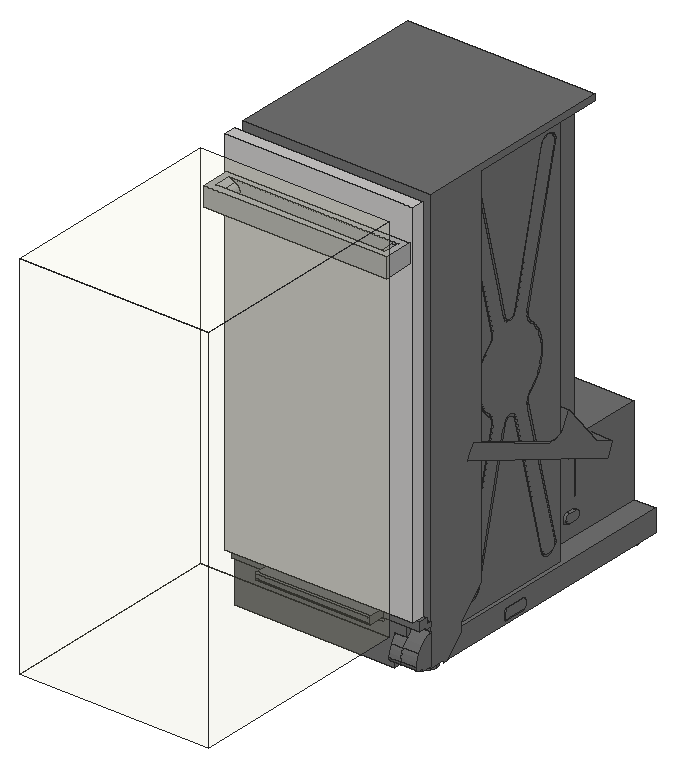
Revit family "P190780JX-197c_JKTPX151HM_StainlessSteel_JA_Dish_Trash_Compactors_FINAL", category Specialty Equipment, Revit 2026
Family settings
  Round Connector Dimension = Use Diameter
  Part Type = Normal
  Work Plane-Based = No
  Enable Cutting in Views = No
  Always vertical = Yes
  Cut with Voids When Loaded = No
  Maintain Annotation Orientation = No
  Shared = No
  Room Calculation Point = No
Parameters (values of type "JKTPX151HM")
  Width = 14 7/8"
  Voltage = 0 V
  URL = ""
  Show Clearance [instance] = yes
  Model = "JKTPX151HM"
  Manufacturer = "Jenn Air"
  Installation-Fabrication = ""
  Height = 34 1/8"
  Handle Material = ARCAT - Metal - Steel - Gray
  Feature 3 = ""
  Feature 2 = ""
  Feature 1 = "Stainless Steel Door, NOIR™ styling\r\nPorte en acier inoxydable, style NOIR™"
  Family Name = "TRASH COMPACTOR PANEL KITS NOIR"
  Energy Guide = ""
  Drawn By = ""
  Door Material = ARCAT - Metal - Steel - Stainless
  Dimension Guide = "https://www.whirlpool.com/content/dam/global/documents/201907/dimension-guide-w11367551-reva.pdf\r\nhttps://www.whirlpool.com/content/dam/global/documents/201907/dimension-guide-w11367551-reva.pdf"
  Description = "NOIR™ 15\" Trash Compactor Panel Kit\r\nTrousse de panneau pour compacteur de déchets NOIR™, 15 po"
  Depth = 24"
  Default Elevation = 0"
  Copyright = ""
  Clearance Material = ARCAT - Clearance
  Bottom Panel = ARCAT - Plastic, ABS - Black
  Body Material = ARCAT - Plastic, ABS - Black
  Amps = 0 A
  Accent Material = ARCAT - Metal - Steel - Stainless
Reference planes (in)
  plane 1 "Center (Front/Back)": y = 0
  plane 2: z = 0
  plane 3 "Center (Left/Right)": x = 0
  plane 4: z = 34.125
  plane 5: x = -7.4375
  plane 6: x = 7.4375
  plane 7: y = -24
Forms (in)
  Extrusion 1, solid, material "ARCAT - Plastic, ABS - Black" <- "Body Material"
    sketch origin (0, 82.57514, 0.5) x (0, 1, 0) y (-1, 0, 0)
      loop
        line (-101.82514, -7.375) -> (-82.60639, -7.375) -> (-82.60639, 7.375) -> (-101.82514, 7.375) -> (-101.82514, -7.375)
    from 0 to 1.75
  Extrusion 2, solid, material "ARCAT - Plastic, ABS - Black" <- "Body Material"
    sketch origin (0, 82.57514, 2.25) x (0, 1, 0) y (-1, 0, 0)
      loop
        line (-101.82514, 7.375) -> (-104.82514, 7.375) -> (-104.82514, -7.375) -> (-101.82514, -7.375) -> (-101.82514, 7.375)
    from 0 to 31.375
  Extrusion 3, solid, material "ARCAT - Plastic, ABS - Black" <- "Body Material"
    sketch origin (0, -30.6674, 33.625) x (-1, 0, 0) y (0, 1, 0)
      loop
        line (7.40625, 24.6674) -> (-7.40625, 24.6674) -> (-7.40625, 8.4174) -> (7.40625, 8.4174) -> (7.40625, 24.6674)
    from 0 to -0.5
  Extrusion 4, solid, material "ARCAT - Plastic, ABS - Black" <- "Body Material"
    sketch origin (0, 82.57514, 2.25) x (0, 1, 0) y (-1, 0, 0)
      loop
        line (-91.57514, 6.83266) -> (-101.82514, 6.83266) -> (-101.82514, -7.02418) -> (-91.57514, -7.02418) -> (-91.57514, 6.83266)
    from 0 to 31.375
  Extrusion 5, solid, material "ARCAT - Plastic, ABS - Black" <- "Body Material"
    sketch origin (-7.4375, -30.25, 48) x (0, -1, 0) y (0, 0, 1)
      loop
        line (-11, -47.5) -> (-9.67637, -47.5) -> (-11, -46.17637) -> (-11, -47.5)
    from -0.0625 to -14.8125
  Extrusion 6, solid, material "ARCAT - Plastic, ABS - Black" <- "Body Material"
    sketch origin (5.6875, 0, 33.48941) x (0, 0, 1) y (0, 1, 0)
      loop
        line (-24.23941, -5.75) -> (-24.23941, -0.03125) -> (-31.23941, -0.03125) -> (-31.23941, -9) -> (0.13559, -9) -> (0.13559, -6) -> (-28.48941, -6) -> (-28.48941, -5.75) -> (-24.23941, -5.75)
    from 0 to 11.375
  Extrusion 7, solid, material "ARCAT - Plastic, ABS - Black" <- "Body Material"
    sketch origin (-7.1875, -30.25, 48) x (0, -1, 0) y (0, 0, -1)
      loop
        line (-9.81951, 47.33477) -> (-11, 46.15428) -> (-11, 45.75) -> (-8, 45.75) -> (-8, 47.33477) -> (-9.81951, 47.33477)
    from -0.1875 to 14.5625
  Extrusion 8, solid, material "ARCAT - Plastic, ABS - Black" <- "Body Material"
    sketch origin (-7.4375, 0, 0.84375) x (1, 0, 0) y (0, 0, -1)
      loop
        line (4.0781, -1.9501) -> (6.83076, -3.95003) -> (3.37581, -6.4602)
        arc (3.37581, -6.4602) -> (3.29285, -6.984) -> (3.81665, -7.06696) r 0.375
        line (3.81665, -7.06696) -> (7.46875, -4.41356) -> (11.05835, -7.06696)
        arc (11.05835, -7.06696) -> (11.58215, -6.984) -> (11.49919, -6.4602) r 0.375
        line (11.49919, -6.4602) -> (8.10674, -3.95003) -> (10.8594, -1.9501)
        arc (10.8594, -1.9501) -> (10.94237, -1.4263) -> (10.41856, -1.34334) r 0.375
        line (10.41856, -1.34334) -> (7.46875, -3.4865) -> (4.51894, -1.34334)
        arc (4.51894, -1.34334) -> (3.99513, -1.4263) -> (4.0781, -1.9501) r 0.375
    from 0 to -0.03125
  Extrusion 9, solid, material "ARCAT - Metal - Steel - Stainless" <- "Door Material"
    sketch origin (0, -100.58824, 34) x (0, -1, 0) y (1, 0, 0)
      loop
        line (-77.58824, -7.4375) -> (-76.58824, -7.4375) -> (-76.58824, 7.4375) -> (-77.58824, 7.4375) -> (-77.58824, -7.4375)
    from 0 to -29.35864
  Extrusion 10, solid, material "ARCAT - Plastic, ABS - Black" <- "Body Material"
    sketch origin (-7.40625, -30.25, 48) x (0, -1, 0) y (0, 0, -1)
      loop
        line (-8, 14.375) -> (-8, 47.33477) -> (-9.3614, 47.33477) -> (-9.3614, 47.5) -> (-9.65428, 47.5) -> (-11, 46.15428) -> (-11, 14.375) -> (-8, 14.375)
    from 0 to 0.03125
  Extrusion 11, solid, material "ARCAT - Plastic, ABS - Black" <- "Body Material"
    sketch origin (7.40625, -30.25, 48) x (0, -1, 0) y (0, 0, 1)
      loop
        line (-8, -14.375) -> (-13, -14.375) -> (-13, -43.40428) -> (-11, -45.40428) -> (-11, -46.15428) -> (-9.65428, -47.5) -> (-9.3614, -47.5) -> (-9.3614, -47.33477) -> (-8, -47.33477) -> (-8, -14.375)
    from 0 to 0.03125
  Extrusion 12, solid, material "ARCAT - Plastic, ABS - Black" <- "Body Material"
    sketch origin (7.4375, -30.25, 48) x (0, -1, 0) y (0, 0, 1)
      loop
        line (-8, -20.46433) -> (-8, -40.74322) -> (-7.25, -40.74322) -> (-7.25, -21.80848) -> (-7.4236, -21.80848) -> (-7.4236, -20.46433) -> (-8, -20.46433)
    from 0.60547 to 14.27016
  Extrusion 13, solid, material "ARCAT - Plastic, ABS - Black" <- "Bottom Panel"
    sketch origin (7.4375, -30.25, 48) x (0, -1, 0) y (0, 0, 1)
      loop
        line (-6.91841, -43.58627) -> (-7.66841, -43.58627) -> (-7.66841, -44.00388) -> (-8, -44.00388) -> (-8, -44.42424) -> (-7.53998, -44.42424) -> (-7.53998, -44.25388) -> (-6.91841, -44.25388) -> (-6.91841, -43.58627)
    from 0.03125 to 14.84375
  Extrusion 14, solid, material "ARCAT - Plastic, ABS - Black" <- "Bottom Panel"
    sketch origin (7.4375, -31, 48) x (0, -1, 0) y (0, 0, 1)
      loop
        line (-6.51841, -43.6843) -> (-7.66841, -43.6843) -> (-7.66841, -44.25388) -> (-6.51841, -44.25388)
        arc (-6.51841, -44.25388) -> (-6.4477, -44.22459) -> (-6.41841, -44.15388) r 0.1
        line (-6.41841, -44.15388) -> (-6.41841, -43.7843)
        arc (-6.41841, -43.7843) -> (-6.4477, -43.71359) -> (-6.51841, -43.6843) r 0.1
    from 2.9375 to 11.9375
  Extrusion 15, solid, material "ARCAT - Plastic, ABS - Black" <- "Bottom Panel"
    sketch origin (7.40625, -6, 33.625) x (0, -1, 0) y (0, 0, -1)
      loop
        line (16.25, 32.86472) -> (16.25, 30.34108)
        arc (16.25, 30.34108) -> (16.87536, 30.8256) -> (17.35988, 31.45096) r 3.14225
        arc (17.35988, 31.45096) -> (17.54532, 31.87398) -> (17.62506, 32.32894) r 1.93199
        arc (17.62506, 32.32894) -> (17.5413, 32.55667) -> (17.31839, 32.65253) r 0.30711
        line (17.31839, 32.65253) -> (17, 32.65253) -> (17, 32.7574)
        arc (17, 32.7574) -> (16.96857, 32.83329) -> (16.89268, 32.86472) r 0.10732
        line (16.89268, 32.86472) -> (16.25, 32.86472)
    from 0 to -1.25017
  Blend 16, solid, material "ARCAT - Plastic, ABS - Black" <- "Body Material"
    base sketch origin (-6.83266, -19.25, 2.25) x (0, 1, 0) y (0, 0, -1)
      loop
        line (7.10897, -12.67266) -> (9.79145, -1.9138)
        arc (9.79145, -1.9138) -> (9.24517, -1.00464) -> (8.33601, -1.55092) r 0.75
        line (8.33601, -1.55092) -> (5.6947, -12.14464)
        arc (5.6947, -12.14464) -> (5.26997, -12.47647) -> (4.84525, -12.14464) r 0.43773
        line (4.84525, -12.14464) -> (2.20394, -1.55092)
        arc (2.20394, -1.55092) -> (1.29477, -1.00464) -> (0.74849, -1.9138) r 0.75
        line (0.74849, -1.9138) -> (3.43069, -12.67149)
        arc (3.43069, -12.67149) -> (3.41656, -13.05494) -> (3.20015, -13.37181) r 0.69141
        arc (3.20015, -13.37181) -> (2.01998, -15.8861) -> (3.21348, -18.39409) r 3.25
        arc (3.21348, -18.39409) -> (3.43215, -18.71154) -> (3.44686, -19.09674) r 0.69141
        line (3.44686, -19.09674) -> (0.74849, -29.91927)
        arc (0.74849, -29.91927) -> (1.29477, -30.82843) -> (2.20394, -30.28215) r 0.75
        line (2.20394, -30.28215) -> (4.84525, -19.68844)
        arc (4.84525, -19.68844) -> (5.26997, -19.35661) -> (5.6947, -19.68844) r 0.43773
        line (5.6947, -19.68844) -> (8.33601, -30.28215)
        arc (8.33601, -30.28215) -> (9.24517, -30.82843) -> (9.79145, -29.91927) r 0.75
        line (9.79145, -29.91927) -> (7.09309, -19.09674)
        arc (7.09309, -19.09674) -> (7.1078, -18.71154) -> (7.32646, -18.39409) r 0.69141
        arc (7.32646, -18.39409) -> (8.51996, -15.8856) -> (7.33903, -13.37117) r 3.25
        arc (7.33903, -13.37117) -> (7.12309, -13.05515) -> (7.10897, -12.67266) r 0.68949
    top sketch origin (-6.83266, -19.25, 2.25) x (0, 1, 0) y (0, 0, -1)
      loop
        line (9.67016, -29.94951) -> (6.9718, -19.12698)
        arc (6.9718, -19.12698) -> (6.98917, -18.67214) -> (7.24736, -18.29729) r 0.81641
        arc (7.24736, -18.29729) -> (8.39496, -15.88529) -> (7.25945, -13.46757) r 3.125
        arc (7.25945, -13.46757) -> (7.00436, -13.09425) -> (6.98768, -12.64242) r 0.81449
        line (6.98768, -12.64242) -> (9.67016, -1.88356)
        arc (9.67016, -1.88356) -> (9.21493, -1.12593) -> (8.45729, -1.58116) r 0.625
        line (8.45729, -1.58116) -> (5.81598, -12.17488)
        arc (5.81598, -12.17488) -> (5.26997, -12.60147) -> (4.72396, -12.17488) r 0.56273
        line (4.72396, -12.17488) -> (2.08265, -1.58116)
        arc (2.08265, -1.58116) -> (1.32502, -1.12593) -> (0.86978, -1.88356) r 0.625
        line (0.86978, -1.88356) -> (3.55197, -12.64125)
        arc (3.55197, -12.64125) -> (3.53529, -13.09402) -> (3.27976, -13.46818) r 0.81641
        arc (3.27976, -13.46818) -> (2.14498, -15.88577) -> (3.29258, -18.29729) r 3.125
        arc (3.29258, -18.29729) -> (3.55078, -18.67214) -> (3.56814, -19.12698) r 0.81641
        line (3.56814, -19.12698) -> (0.86978, -29.94951)
        arc (0.86978, -29.94951) -> (1.32502, -30.70715) -> (2.08265, -30.25191) r 0.625
        line (2.08265, -30.25191) -> (4.72396, -19.6582)
        arc (4.72396, -19.6582) -> (5.26997, -19.23161) -> (5.81598, -19.6582) r 0.56273
        line (5.81598, -19.6582) -> (8.45729, -30.25191)
        arc (8.45729, -30.25191) -> (9.21493, -30.70715) -> (9.67016, -29.94951) r 0.625
    from 0 to 0.03125
  Blend 17, solid, material "ARCAT - Plastic, ABS - Black" <- "Body Material"
    base sketch origin (7.02418, -19.25, 2.25) x (0, 1, 0) y (0, 0, 1)
      loop
        arc (7.10897, 12.67266) -> (7.12309, 13.05515) -> (7.33903, 13.37117) r 0.68949
        arc (7.33903, 13.37117) -> (8.51996, 15.8856) -> (7.32646, 18.39409) r 3.25
        arc (7.32646, 18.39409) -> (7.1078, 18.71154) -> (7.09309, 19.09674) r 0.69141
        line (7.09309, 19.09674) -> (9.79145, 29.91927)
        arc (9.79145, 29.91927) -> (9.24517, 30.82843) -> (8.33601, 30.28215) r 0.75
        line (8.33601, 30.28215) -> (5.6947, 19.68844)
        arc (5.6947, 19.68844) -> (5.26997, 19.35661) -> (4.84525, 19.68844) r 0.43773
        line (4.84525, 19.68844) -> (2.20394, 30.28215)
        arc (2.20394, 30.28215) -> (1.29477, 30.82843) -> (0.74849, 29.91927) r 0.75
        line (0.74849, 29.91927) -> (3.44686, 19.09674)
        arc (3.44686, 19.09674) -> (3.43215, 18.71154) -> (3.21348, 18.39409) r 0.69141
        arc (3.21348, 18.39409) -> (2.01998, 15.8861) -> (3.20015, 13.37181) r 3.25
        arc (3.20015, 13.37181) -> (3.41656, 13.05494) -> (3.43069, 12.67149) r 0.69141
        line (3.43069, 12.67149) -> (0.74849, 1.9138)
        arc (0.74849, 1.9138) -> (1.29477, 1.00464) -> (2.20394, 1.55092) r 0.75
        line (2.20394, 1.55092) -> (4.84525, 12.14464)
        arc (4.84525, 12.14464) -> (5.26997, 12.47647) -> (5.6947, 12.14464) r 0.43773
        line (5.6947, 12.14464) -> (8.33601, 1.55092)
        arc (8.33601, 1.55092) -> (9.24517, 1.00464) -> (9.79145, 1.9138) r 0.75
        line (9.79145, 1.9138) -> (7.10897, 12.67266)
    top sketch origin (7.02418, -19.25, 2.25) x (0, 1, 0) y (0, 0, 1)
      loop
        arc (9.67016, 29.94951) -> (9.21493, 30.70715) -> (8.45729, 30.25191) r 0.625
        line (8.45729, 30.25191) -> (5.81598, 19.6582)
        arc (5.81598, 19.6582) -> (5.26997, 19.23161) -> (4.72396, 19.6582) r 0.56273
        line (4.72396, 19.6582) -> (2.08265, 30.25191)
        arc (2.08265, 30.25191) -> (1.32502, 30.70715) -> (0.86978, 29.94951) r 0.625
        line (0.86978, 29.94951) -> (3.56814, 19.12698)
        arc (3.56814, 19.12698) -> (3.55078, 18.67214) -> (3.29258, 18.29729) r 0.81641
        arc (3.29258, 18.29729) -> (2.14498, 15.88577) -> (3.27976, 13.46818) r 3.125
        arc (3.27976, 13.46818) -> (3.53529, 13.09402) -> (3.55197, 12.64125) r 0.81641
        line (3.55197, 12.64125) -> (0.86978, 1.88356)
        arc (0.86978, 1.88356) -> (1.32502, 1.12593) -> (2.08265, 1.58116) r 0.625
        line (2.08265, 1.58116) -> (4.72396, 12.17488)
        arc (4.72396, 12.17488) -> (5.26997, 12.60147) -> (5.81598, 12.17488) r 0.56273
        line (5.81598, 12.17488) -> (8.45729, 1.58116)
        arc (8.45729, 1.58116) -> (9.21493, 1.12593) -> (9.67016, 1.88356) r 0.625
        line (9.67016, 1.88356) -> (6.98768, 12.64242)
        arc (6.98768, 12.64242) -> (7.00436, 13.09425) -> (7.25945, 13.46757) r 0.81449
        arc (7.25945, 13.46757) -> (8.39496, 15.88529) -> (7.24736, 18.29729) r 3.125
        arc (7.24736, 18.29729) -> (6.98917, 18.67214) -> (6.9718, 19.12698) r 0.81641
        line (6.9718, 19.12698) -> (9.67016, 29.94951)
    from 0 to 0.03125
  Extrusion 18, solid, material "ARCAT - Clearance" <- "Clearance Material", detail levels medium+fine
    sketch origin (0, -23, 4.64136) x (1, 0, 0) y (0, -1, 0)
      loop
        line (-7.4375, 3.3125) -> (7.4375, 3.3125) -> (7.4375, 21.125) -> (-7.4375, 21.125) -> (-7.4375, 3.3125)
    from 0 to -29.35864
  Blend 19, solid, material "ARCAT - Plastic, ABS - Black" <- "Body Material"
    base sketch origin (7.375, 0, 0.5) x (0, -1, 0) y (0, 0, -1)
      loop
        arc (14.70293, -1.18738) -> (14.8797, -1.11415) -> (14.95293, -0.93738) r 0.25
        line (14.95293, -0.93738) -> (14.95293, -0.5)
        arc (14.95293, -0.5) -> (14.8797, -0.32322) -> (14.70293, -0.25) r 0.25
        line (14.70293, -0.25) -> (13.10434, -0.25)
        arc (13.10434, -0.25) -> (12.92757, -0.32322) -> (12.85434, -0.5) r 0.25
        line (12.85434, -0.5) -> (12.85434, -0.93738)
        arc (12.85434, -0.93738) -> (12.92757, -1.11415) -> (13.10434, -1.18738) r 0.25
        line (13.10434, -1.18738) -> (14.70293, -1.18738)
    top sketch origin (7.02418, -19.25, -1.75) x (0, 1, 0) y (0, 0, 1)
      loop
        arc (4.60957, 3.37488) -> (4.4328, 3.30165) -> (4.35957, 3.12488) r 0.25
        line (4.35957, 3.12488) -> (4.35957, 2.8125)
        arc (4.35957, 2.8125) -> (4.4328, 2.63572) -> (4.60957, 2.5625) r 0.25
        line (4.60957, 2.5625) -> (6.08316, 2.5625)
        arc (6.08316, 2.5625) -> (6.25993, 2.63572) -> (6.33316, 2.8125) r 0.25
        line (6.33316, 2.8125) -> (6.33316, 3.12488)
        arc (6.33316, 3.12488) -> (6.25993, 3.30165) -> (6.08316, 3.37488) r 0.25
        line (6.08316, 3.37488) -> (4.60957, 3.37488)
    from 0 to 0.41332
  Extrusion 20, solid, material "ARCAT - Plastic, ABS - Black" <- "Body Material"
    sketch origin (7.4375, -30.25, 48) x (0, -1, 0) y (0, 0, 1)
      loop
        line (-11.6355, -34.22768) -> (-12.18391, -33.23831) -> (-19.83577, -36.48633)
        arc (-19.83577, -36.48633) -> (-20.56852, -36.50552) -> (-21.11751, -36.01982) r 1
        line (-21.11751, -36.01982) -> (-21.63096, -35.01211) -> (-21.63096, -38.4705) -> (-11.6355, -34.22768)
    from 0 to 0.03125
  Extrusion 21, solid, material "ARCAT - Plastic, ABS - Black" <- "Body Material"
    sketch origin (7.4375, -30.25, 48) x (0, -1, 0) y (0, 0, 1)
      loop
        line (-21.63096, -38.4705) -> (-21.63096, -35.01211) -> (-24.39031, -38.41962) -> (-25.88264, -39.05308) -> (-25.44307, -40.08864) -> (-21.63096, -38.4705)
    from 0 to 1.61424
  Blend 22, solid, material "ARCAT - Plastic, ABS - Black" <- "Body Material"
    base sketch origin (5.6875, 0, 33.48941) x (0, 0, -1) y (0, 1, 0)
      loop
        line (29.19129, -6.11963) -> (29.19129, -6.67463)
        arc (29.19129, -6.67463) -> (29.59538, -7.07873) -> (29.99948, -6.67463) r 0.4041
        line (29.99948, -6.67463) -> (29.99948, -6.11963)
        arc (29.99948, -6.11963) -> (29.59538, -5.71553) -> (29.19129, -6.11963) r 0.4041
    top sketch origin (5.6875, 0, 33.48941) x (0, 0, 1) y (0, 1, 0)
      loop
        line (-29.25379, -6.67463) -> (-29.25379, -6.11963)
        arc (-29.25379, -6.11963) -> (-29.59538, -5.77803) -> (-29.93698, -6.11963) r 0.3416
        line (-29.93698, -6.11963) -> (-29.93698, -6.67463)
        arc (-29.93698, -6.67463) -> (-29.59538, -7.01623) -> (-29.25379, -6.67463) r 0.3416
    from 0 to 0.25
  Blend 23, solid, material "ARCAT - Plastic, ABS - Black" <- "Body Material"
    base sketch origin (-7.375, 0, 0.5) x (0, -1, 0) y (0, 0, 1)
      loop
        line (14.70293, 1.18738) -> (13.10434, 1.18738)
        arc (13.10434, 1.18738) -> (12.92757, 1.11415) -> (12.85434, 0.93738) r 0.25
        line (12.85434, 0.93738) -> (12.85434, 0.5)
        arc (12.85434, 0.5) -> (12.92757, 0.32322) -> (13.10434, 0.25) r 0.25
        line (13.10434, 0.25) -> (14.70293, 0.25)
        arc (14.70293, 0.25) -> (14.8797, 0.32322) -> (14.95293, 0.5) r 0.25
        line (14.95293, 0.5) -> (14.95293, 0.93738)
        arc (14.95293, 0.93738) -> (14.8797, 1.11415) -> (14.70293, 1.18738) r 0.25
    top sketch origin (-7.02418, -19.25, -1.75) x (0, 1, 0) y (0, 0, -1)
      loop
        line (4.60957, -3.37488) -> (6.08316, -3.37488)
        arc (6.08316, -3.37488) -> (6.25993, -3.30165) -> (6.33316, -3.12488) r 0.25
        line (6.33316, -3.12488) -> (6.33316, -2.8125)
        arc (6.33316, -2.8125) -> (6.25993, -2.63572) -> (6.08316, -2.5625) r 0.25
        line (6.08316, -2.5625) -> (4.60957, -2.5625)
        arc (4.60957, -2.5625) -> (4.4328, -2.63572) -> (4.35957, -2.8125) r 0.25
        line (4.35957, -2.8125) -> (4.35957, -3.12488)
        arc (4.35957, -3.12488) -> (4.4328, -3.30165) -> (4.60957, -3.37488) r 0.25
    from 0 to 0.41332
  Blend 24, solid, material "ARCAT - Plastic, ABS - Black" <- "Body Material"
    base sketch origin (-5.6875, 0, 33.48941) x (0, 0, -1) y (0, -1, 0)
      loop
        arc (29.19129, 6.11963) -> (29.59538, 5.71553) -> (29.99948, 6.11963) r 0.4041
        line (29.99948, 6.11963) -> (29.99948, 6.67463)
        arc (29.99948, 6.67463) -> (29.59538, 7.07873) -> (29.19129, 6.67463) r 0.4041
        line (29.19129, 6.67463) -> (29.19129, 6.11963)
    top sketch origin (-5.6875, 0, 33.48941) x (0, 0, 1) y (0, -1, 0)
      loop
        arc (-29.25379, 6.67463) -> (-29.59538, 7.01623) -> (-29.93698, 6.67463) r 0.3416
        line (-29.93698, 6.67463) -> (-29.93698, 6.11963)
        arc (-29.93698, 6.11963) -> (-29.59538, 5.77803) -> (-29.25379, 6.11963) r 0.3416
        line (-29.25379, 6.11963) -> (-29.25379, 6.67463)
    from 0 to 0.25
  Extrusion 25, solid, material "ARCAT - Plastic, ABS - Black" <- "Body Material"
    sketch origin (7.4375, -30.25, 45.38458) x (0, -1, 0) y (0, 0, 1)
      loop
        line (-7.25, -38.1278) -> (-8, -38.1278) -> (-8, -40.74322) -> (-7.25, -40.74322) -> (-7.25, -38.1278)
    from 1.61424 to 14.27016
  Extrusion 26, solid, material "ARCAT - Metal - Steel - Gray" <- "Handle Material"
    sketch origin (19.1046, -24, 48) x (1, 0, 0) y (0, 0, 1)
      loop
        line (-26.2921, -16.5625) -> (-26.2921, -18.0625) -> (-11.9171, -18.0625) -> (-11.9171, -16.5625) -> (-26.2921, -16.5625)
    from 0 to 2.3125
  Extrusion 27, void
    sketch origin (19.1046, -24.5, 48) x (-1, 0, 0) y (0, 0, 1)
      loop
        line (25.7921, -16.5625) -> (12.4171, -16.5625) -> (12.92236, -16.79811)
        arc (12.92236, -16.79811) -> (13.25006, -17.3125) -> (12.92236, -17.82689) r 0.56757
        line (12.92236, -17.82689) -> (12.4171, -18.0625) -> (25.7921, -18.0625) -> (25.28683, -17.82689)
        arc (25.28683, -17.82689) -> (24.95913, -17.3125) -> (25.28683, -16.79811) r 0.56757
        line (25.28683, -16.79811) -> (25.7921, -16.5625)
    from 0 to -1.3125
  Extrusion 28, solid, material "ARCAT - Plastic, ABS - Black" <- "Body Material"
    sketch origin (-6.64062, -20.73235, 0.66523) x (-1, 0, 0) y (0, 1, 0)
      loop
        circle (-13.10332, -0.6807) r 0.75
    from 0 to 0.36351
  Extrusion 29, void
    sketch origin (-28.70914, 18.18112, 0) x (0, 1, 0) y (-1, 0, 0)
      loop
        line (-18.62689, -35.84588) -> (-18.37689, -35.59588) -> (-18.37689, -35.19227) -> (-18.62689, -34.94227) -> (-20.57284, -34.94227) -> (-20.82284, -35.19227) -> (-20.82284, -35.59588) -> (-20.57284, -35.84588) -> (-18.62689, -35.84588)
    from 0.5 to 2.12955
  Revolve 30, solid, material "ARCAT - Plastic, ABS - Black" <- "Body Material"
    sketch origin (-13.77292, -1.4218, 0.25) x (1, 0, 0) y (0, 0, 1)
      loop
        line (20.24384, 1.25218) -> (20.156, 1.12674) -> (20.0718, 1.12674) -> (20.0718, 0.95421) -> (20.00604, 0.95421) -> (20.00604, 0.75) -> (20.90965, 0.75) -> (20.90965, 0.95421) -> (20.8439, 0.95421) -> (20.8439, 1.12674) -> (20.7597, 1.12674) -> (20.67186, 1.25218) -> (20.67186, 1.75) -> (20.24384, 1.75) -> (20.24384, 1.25218)
      axis (20.00604, 0.75) -> (20.90965, 0.75)
    angle from 0 to 360
  Extrusion 31, solid, material "ARCAT - Plastic, ABS - Black" <- "Body Material"
    sketch origin (-7.4375, -0.03125, 1.52704) x (1, 0, 0) y (0, 0, -1)
      loop
        circle (7.4375, -0.58623) r 0.25
    from 0 to 0.03125
  Extrusion 32, solid, material "ARCAT - Plastic, ABS - Black" <- "Body Material"
    sketch origin (-7.4375, -0.03125, 0.40204) x (1, 0, 0) y (0, 0, -1)
      loop
        circle (7.4375, -0.58623) r 0.25
    from 0 to 0.03125
  Extrusion 33, solid, material "ARCAT - Plastic, ABS - Black" <- "Body Material"
    sketch origin (-10.9375, -0.03125, 0.40204) x (1, 0, 0) y (0, 0, -1)
      loop
        circle (7.4375, -0.58623) r 0.25
    from 0 to 0.03125
  Extrusion 34, solid, material "ARCAT - Plastic, ABS - Black" <- "Body Material"
    sketch origin (10.9375, -0.03125, 0.40204) x (-1, 0, 0) y (0, 0, 1)
      loop
        circle (7.4375, 0.58623) r 0.25
    from 0 to 0.03125
  Extrusion 35, solid, material "ARCAT - Plastic, ABS - Black" <- "Body Material"
    sketch origin (5.6875, -6, -7.19985) x (0, 0, 1) y (1, 0, 0)
      loop
        arc (16.44985, -6.84639) -> (17.42978, -5.6875) -> (16.44985, -4.52861) r 1.17524
        line (16.44985, -4.52861) -> (16.44985, -5.58594)
        arc (16.44985, -5.58594) -> (16.55142, -5.6875) -> (16.44985, -5.78906) r 0.10156
        line (16.44985, -5.78906) -> (16.44985, -6.84639)
    from 0 to 0.03125
  Extrusion 36, void
    sketch origin (28.70914, 18.18112, 0) x (0, 1, 0) y (-1, 0, 0)
      loop
        line (-18.62689, 35.84588) -> (-20.57284, 35.84588) -> (-20.82284, 35.59588) -> (-20.82284, 35.19227) -> (-20.57284, 34.94227) -> (-18.62689, 34.94227) -> (-18.37689, 35.19227) -> (-18.37689, 35.59588) -> (-18.62689, 35.84588)
    from 0.5 to 2.12955
  Revolve 37, solid, material "ARCAT - Plastic, ABS - Black" <- "Body Material"
    sketch origin (13.77292, -1.4218, 0.25) x (-1, 0, 0) y (0, 0, -1)
      loop
        line (20.24384, -1.25218) -> (20.24384, -1.75) -> (20.67186, -1.75) -> (20.67186, -1.25218) -> (20.7597, -1.12674) -> (20.8439, -1.12674) -> (20.8439, -0.95421) -> (20.90965, -0.95421) -> (20.90965, -0.75) -> (20.00604, -0.75) -> (20.00604, -0.95421) -> (20.0718, -0.95421) -> (20.0718, -1.12674) -> (20.156, -1.12674) -> (20.24384, -1.25218)
      axis (20.00604, -0.75) -> (20.90965, -0.75)
    angle from 0 to 360
  Extrusion 38, solid, material "ARCAT - Plastic, ABS - Black" <- "Body Material"
    sketch origin (6.64063, -20.73235, 0.66523) x (-1, 0, 0) y (0, 1, 0)
      loop
        circle (13.10332, -0.6807) r 0.75
    from 0 to 0.36351
  Revolve 39, solid, material "ARCAT - Plastic, ABS - Black" <- "Body Material"
    sketch origin (-4.25777, 0, 13.50212) x (1, 0, 0) y (0, 1, 0)
      loop
        arc (7.96614, -6) -> (7.91694, -5.88123) -> (7.79817, -5.83203) r 0.16797
        line (7.79817, -5.83203) -> (0.16797, -5.83203)
        arc (0.16797, -5.83203) -> (0.0492, -5.88123) -> (0, -6) r 0.16797
        line (0, -6) -> (7.96614, -6)
      axis (0, -6) -> (7.96614, -6)
    angle from 90 to -90
  Revolve 40, solid, material "ARCAT - Plastic, ABS - Black" <- "Body Material"
    sketch origin (-4.25777, 0, 12.33267) x (1, 0, 0) y (0, 1, 0)
      loop
        arc (7.96614, -6) -> (7.91694, -5.88123) -> (7.79817, -5.83203) r 0.16797
        line (7.79817, -5.83203) -> (0.16797, -5.83203)
        arc (0.16797, -5.83203) -> (0.0492, -5.88123) -> (0, -6) r 0.16797
        line (0, -6) -> (7.96614, -6)
      axis (0, -6) -> (7.96614, -6)
    angle from 90 to -90
  Extrusion 41, void
    sketch origin (5.6875, -6, -7.19985) x (0, 0, -1) y (1, 0, 0)
      loop
        arc (-21.58808, -1.4613) -> (-21.64104, -1.51426) -> (-21.58808, -1.56723) r 0.05296
        line (-21.58808, -1.56723) -> (-18.65882, -1.56723)
        arc (-18.65882, -1.56723) -> (-18.60586, -1.51426) -> (-18.65882, -1.4613) r 0.05296
        line (-18.65882, -1.4613) -> (-21.58808, -1.4613)
    from 0 to 0.04619
  Extrusion 42, void
    sketch origin (5.6875, -6, -7.19985) x (0, 0, -1) y (1, 0, 0)
      loop
        line (-26.03437, -11.34375) -> (-24.74888, -11.34375) -> (-24.74888, -11.09375) -> (-26.03437, -11.09375) -> (-26.03437, -11.34375)
      loop
        line (-26.03437, -0.03125) -> (-26.03437, -0.28125) -> (-24.74888, -0.28125) -> (-24.74888, -0.03125) -> (-26.03437, -0.03125)
    from 0 to 3
  Extrusion 43, solid, material "ARCAT - Plastic, ABS - Black" <- "Bottom Panel"
    sketch origin (7.4375, -30.25, 47.33239) x (0, -1, 0) y (0, 0, 1)
      loop
        line (-7.25, -43.58627) -> (-7.53998, -43.58627) -> (-7.53998, -47.03067) -> (-7.25, -47.03067) -> (-7.25, -43.58627)
    from 2.22533 to 14.875
  Extrusion 44, void
    sketch origin (19.1046, -25.5, 48) x (1, 0, 0) y (0, 0, 1)
      loop
        line (-23.5421, -44.25388) -> (-23.5421, -44.75388) -> (-23.0421, -44.75388) -> (-23.0421, -44.25388) -> (-23.5421, -44.25388)
      loop
        line (-14.6671, -44.25388) -> (-15.1671, -44.25388) -> (-15.1671, -44.75388) -> (-14.6671, -44.75388) -> (-14.6671, -44.25388)
    from -3.25 to -2.5
  Extrusion 45, solid, material "ARCAT - Plastic, ABS - Black" <- "Bottom Panel"
    sketch origin (19.79473, -30.25, 47.33239) x (0, -1, 0) y (0, 0, 1)
      loop
        line (-7.25, -43.58627) -> (-7.53998, -43.58627) -> (-7.53998, -44.56757) -> (-7.25, -44.56757) -> (-7.25, -43.58627)
    from 13.67463 to 14.58256
  Extrusion 46, solid, material "ARCAT - Plastic, ABS - Black" <- "Bottom Panel"
    sketch origin (5.89415, -6, 33.625) x (0, -1, 0) y (0, 0, -1)
      loop
        line (16.25, 32.86472) -> (16.25, 30.89298) -> (16.94075, 30.89298)
        arc (16.94075, 30.89298) -> (17.16585, 31.1603) -> (17.35988, 31.45096) r 3.14225
        arc (17.35988, 31.45096) -> (17.54532, 31.87398) -> (17.62506, 32.32894) r 1.93199
        arc (17.62506, 32.32894) -> (17.5413, 32.55667) -> (17.31839, 32.65253) r 0.30711
        line (17.31839, 32.65253) -> (17, 32.65253) -> (17, 32.7574)
        arc (17, 32.7574) -> (16.96857, 32.83329) -> (16.89268, 32.86472) r 0.10732
        line (16.89268, 32.86472) -> (16.25, 32.86472)
    from 0.26193 to -0.64415
Cuts and joins
  Extrusion 29, Extrusion 36, Extrusion 41, Extrusion 42 cuts Extrusion 1
  Extrusion 29, Extrusion 36, Extrusion 41, Extrusion 42 cuts Extrusion 5
  Extrusion 29, Extrusion 36, Extrusion 41, Extrusion 42 cuts Extrusion 6
  joined: Extrusion 1, Extrusion 5, Extrusion 6
  joined: Extrusion 20, Extrusion 21
  joined: Extrusion 12, Extrusion 25
  Extrusion 27 cuts Extrusion 26
  Extrusion 36 cuts Revolve 30
  joined: Extrusion 2, Extrusion 3, Extrusion 7, Extrusion 10, Extrusion 11
  Extrusion 44 cuts Extrusion 43
  joined: Extrusion 43, Extrusion 45
  Extrusion 44 cuts Extrusion 13
  joined: Extrusion 15, Extrusion 46
Lines and regions (in)
  symbolic lines, style "SpecialityEquipment"
    curve 1: line (-7.4375, 0, 31.4375) -> (7.4375, 0, 31.4375)
    curve 2: line (-7.4375, -24, 31.4375) -> (-7.4375, 0, 31.4375)
    curve 3: line (7.4375, -24, 31.4375) -> (-7.4375, -24, 31.4375)
    curve 4: line (7.4375, 0, 31.4375) -> (7.4375, -24, 31.4375)
    curve 5: line (-7.1875, -24, 31.4375) -> (-7.1875, -26.3125, 31.4375)
    curve 6: line (-7.1875, -26.3125, 31.4375) -> (7.1875, -26.3125, 31.4375)
    curve 7: line (7.1875, -26.3125, 31.4375) -> (7.1875, -24, 31.4375)
    curve 8: line (-6.6875, -24.5, 31.4375) -> (6.6875, -24.5, 31.4375)
    curve 9: line (-6.6875, -25.8125, 31.4375) -> (-6.6875, -24.5, 31.4375)
    curve 10: line (6.6875, -25.8125, 31.4375) -> (-6.6875, -25.8125, 31.4375)
    curve 11: line (6.6875, -24.5, 31.4375) -> (6.6875, -25.8125, 31.4375)
Dimensions and locks (in)
  "Height": plane 4 to plane 2
  "Depth": plane 7 to plane 1 "Center (Front/Back)"
  "Width": plane 5 to plane 6
  equal spacing: plane 5, plane 3 "Center (Left/Right)", plane 6
  aligned and locked: plane 2 to level
Automatic sketch dimensions
  Extrusion 1 sketch curve to plane 5 = 1/16"
  Extrusion 1 sketch curve to plane 7 = 4 3/4"
  plane 1 "Center (Front/Back)" to Extrusion 1 sketch curve = 1/32"
  plane 6 to Extrusion 1 sketch curve = 1/16"
  Extrusion 2 sketch curve to Extrusion 1 = 0"  (x3)
  Extrusion 2 sketch curve to Extrusion 2 sketch curve = 3"
  plane 6 to Extrusion 3 sketch curve = 1/32"
  Extrusion 3 sketch curve to plane 5 = 1/32"
  plane 1 "Center (Front/Back)" to Extrusion 3 sketch curve = 6"
  Extrusion 3 sketch curve to plane 7 = 1 3/4"
  Extrusion 1 to Extrusion 4 sketch curve = 0"
  Extrusion 4 sketch curve to Extrusion 1 = 0.54234"
  Extrusion 4 sketch curve to Extrusion 1 = 8 31/32"
  Extrusion 4 sketch curve to Extrusion 1 = 0.35082"
  level to Extrusion 5 sketch curve = 1.82363"
  Extrusion 5 sketch curve to plane 7 = 4 3/4"
  level to Extrusion 5 sketch curve = 1/2"
  Extrusion 5 sketch curve to Extrusion 5 sketch curve = 1.32363"
  level to Extrusion 6 sketch curve = 2 1/4"
  Extrusion 6 sketch curve to Extrusion 6 sketch curve = 2 3/4"
  plane 1 "Center (Front/Back)" to Extrusion 6 sketch curve = 1/32"
  Extrusion 6 sketch curve to Extrusion 6 sketch curve = 7"
  plane 4 to Extrusion 6 sketch curve = 1/2"
  Extrusion 6 sketch curve to Extrusion 6 sketch curve = 5 23/32"
  Extrusion 6 sketch curve to Extrusion 6 sketch curve = 1/4"
  Extrusion 6 sketch curve to Extrusion 6 sketch curve = 3"
  level to Extrusion 7 sketch curve = 1.84572"
  Extrusion 7 sketch curve to plane 7 = 4 3/4"
  level to Extrusion 7 sketch curve = 0.66523"
  Extrusion 7 sketch curve to Extrusion 7 sketch curve = 1.18049"
  Extrusion 7 sketch curve to plane 7 = 1 3/4"
  Extrusion 7 sketch curve to Extrusion 7 sketch curve = 1.58477"
  Extrusion 8 sketch curve to plane 5 = 3.37581"
  Extrusion 8 sketch curve to Extrusion 8 sketch curve = 0.22042"  (x8)
  Extrusion 8 sketch curve to plane 3 "Center (Left/Right)" = 3.3594"
  Extrusion 8 sketch curve to plane 3 "Center (Left/Right)" = 0.60674"
  plane 3 "Center (Left/Right)" to Extrusion 8 sketch curve = 1/32"  (x2)
  plane 3 "Center (Left/Right)" to Extrusion 8 sketch curve = 0.66924"
  plane 3 "Center (Left/Right)" to Extrusion 8 sketch curve = 2.98106"
  plane 3 "Center (Left/Right)" to Extrusion 8 sketch curve = 3.62085"
  level to Extrusion 8 sketch curve = 7.91071"
  Extrusion 8 sketch curve to Extrusion 8 sketch curve = 0"
  Extrusion 8 sketch curve to Extrusion 8 sketch curve = 0.30338"  (x4)
  Extrusion 8 sketch curve to Extrusion 8 sketch curve = 2.65341"
  Extrusion 8 sketch curve to Extrusion 8 sketch curve = 0.46353"  (x3)
  level to Extrusion 8 sketch curve = 2.79385"  (x2)
  Extrusion 9 sketch curve to plane 6 = 0"
  Extrusion 9 sketch curve to plane 5 = 0"
  plane 7 to Extrusion 9 sketch curve = 0"
  Extrusion 9 sketch curve to Extrusion 9 sketch curve = 1"
  plane 4 to Extrusion 10 sketch curve = 1/2"
  Extrusion 10 sketch curve to plane 7 = 4 3/4"
  level to Extrusion 10 sketch curve = 1/2"
  Extrusion 10 sketch curve to Extrusion 10 sketch curve = 1.34572"
  Extrusion 10 sketch curve to Extrusion 10 sketch curve = 0.29288"
  Extrusion 10 sketch curve to plane 7 = 1 3/4"
  level to Extrusion 10 sketch curve = 1.84572"
  Extrusion 10 sketch curve to Extrusion 10 sketch curve = 0.16523"
  plane 4 to Extrusion 11 sketch curve = 1/2"
  Extrusion 11 sketch curve to plane 7 = 6 3/4"
  Extrusion 11 sketch curve to Extrusion 11 sketch curve = 2"  (x2)
  level to Extrusion 11 sketch curve = 1/2"
  Extrusion 11 sketch curve to Extrusion 11 sketch curve = 1.34572"
  Extrusion 11 sketch curve to Extrusion 11 sketch curve = 0.29288"
  Extrusion 11 sketch curve to plane 7 = 1 3/4"
  level to Extrusion 11 sketch curve = 0.66523"
  level to Extrusion 11 sketch curve = 1.84572"
  Extrusion 11 sketch curve to Extrusion 11 sketch curve = 3/4"
  Extrusion 12 sketch curve to plane 7 = 1 3/4"
  Extrusion 12 sketch curve to Extrusion 12 sketch curve = 0.5764"
  Extrusion 12 sketch curve to Extrusion 12 sketch curve = 3/4"
  level to Extrusion 12 sketch curve = 7.25678"
  plane 4 to Extrusion 12 sketch curve = 7.93348"
  Extrusion 12 sketch curve to Extrusion 12 sketch curve = 1.34415"
  Extrusion 13 sketch curve to plane 7 = 1 3/4"
  Extrusion 13 sketch curve to Extrusion 13 sketch curve = 0.33159"
  Extrusion 13 sketch curve to Extrusion 13 sketch curve = 0.12843"
  Extrusion 13 sketch curve to plane 7 = 0.66841"
  level to Extrusion 13 sketch curve = 3.57576"
  Extrusion 13 sketch curve to Extrusion 13 sketch curve = 0.17036"
  Extrusion 13 sketch curve to Extrusion 13 sketch curve = 0.42036"
  Extrusion 13 sketch curve to Extrusion 13 sketch curve = 0.66761"
  Extrusion 14 sketch curve to plane 7 = 0.66841"
  plane 7 to Extrusion 14 sketch curve = 0.48159"
  Extrusion 14 sketch curve to Extrusion 14 sketch curve = 0"
  Extrusion 14 sketch curve to Extrusion 14 sketch curve = 0.1"
  level to Extrusion 14 sketch curve = 3.74612"
  Extrusion 14 sketch curve to Extrusion 14 sketch curve = 0.36958"
  Extrusion 15 sketch curve to Extrusion 3 = 0"
  Extrusion 15 sketch curve to Extrusion 3 = 0.55415"
  Extrusion 15 sketch curve to Extrusion 15 sketch curve = 1.0424"
  Extrusion 3 to Extrusion 15 sketch curve = 0.64268"
  Extrusion 15 sketch curve to Extrusion 15 sketch curve = 0.10732"
  Extrusion 15 sketch curve to Extrusion 15 sketch curve = 0.31839"
  Extrusion 15 sketch curve to Extrusion 3 = 30.34108"
  Extrusion 15 sketch curve to Extrusion 15 sketch curve = 2.00434"
  Extrusion 15 sketch curve to Extrusion 15 sketch curve = 0.08717"
  Extrusion 15 sketch curve to Extrusion 15 sketch curve = 0.30711"
  Extrusion 15 sketch curve to Extrusion 15 sketch curve = 0.10488"
  Extrusion 15 sketch curve to Extrusion 15 sketch curve = 0.61492"
  Extrusion 15 sketch curve to Extrusion 15 sketch curve = 0"
  Blend 16 sketch curve to Blend 16 sketch curve = 0"  (x8)
  Blend 16 sketch curve to Extrusion 4 = 0.74849"  (x2)
  Blend 16 sketch curve to Blend 16 sketch curve = 0.72772"  (x6)
  Extrusion 4 to Blend 16 sketch curve = 1.09285"  (x2)
  Extrusion 4 to Blend 16 sketch curve = 1.55092"
  Blend 16 sketch curve to Extrusion 4 = 2.75982"  (x2)
  Blend 16 sketch curve to Extrusion 4 = 2.77599"  (x2)
  Blend 16 sketch curve to Blend 16 sketch curve = 0.67087"  (x3)
  Blend 16 sketch curve to Blend 16 sketch curve = 1.41456"
  Blend 16 sketch curve to Blend 16 sketch curve = 1.39839"  (x2)
  Blend 16 sketch curve to Blend 16 sketch curve = 0.42472"  (x4)
  Blend 16 sketch curve to Blend 16 sketch curve = 1.83929"
  Blend 16 sketch curve to Blend 16 sketch curve = 1.41427"
  Blend 16 sketch curve to Blend 16 sketch curve = 0.66901"
  Extrusion 4 to Blend 16 sketch curve = 1.91399"  (x2)
  Extrusion 4 to Blend 16 sketch curve = 0.45855"  (x2)
  Blend 16 sketch curve to Blend 16 sketch curve = 0.18144"  (x3)
  Blend 16 sketch curve to Blend 16 sketch curve = 10.48782"
  Blend 16 sketch curve to Blend 16 sketch curve = 0.1059"  (x2)
  Blend 16 sketch curve to Blend 16 sketch curve = 0.5917"  (x2)
  Blend 16 sketch curve to Blend 16 sketch curve = 0.16727"  (x3)
  Blend 16 sketch curve to Blend 16 sketch curve = 3.21927"
  Blend 16 sketch curve to Blend 16 sketch curve = 3.03801"  (x2)
  Blend 16 sketch curve to Blend 16 sketch curve = 3.03872"  (x2)
  Blend 16 sketch curve to Blend 16 sketch curve = 0.1668"
  Blend 16 sketch curve to Blend 16 sketch curve = 0.52802"
  Blend 16 sketch curve to Blend 16 sketch curve = 0.36288"
  Extrusion 4 to Blend 16 sketch curve = 1.9138"
  Blend 16 sketch curve to Extrusion 4 = 0.86978"  (x2)
  Blend 16 sketch curve to Blend 16 sketch curve = 0.60643"  (x6)
  Extrusion 4 to Blend 16 sketch curve = 1.12309"  (x2)
  Extrusion 4 to Blend 16 sketch curve = 1.58116"
  Blend 16 sketch curve to Blend 16 sketch curve = 0.79216"  (x3)
  Blend 16 sketch curve to Blend 16 sketch curve = 1.17199"
  Blend 16 sketch curve to Blend 16 sketch curve = 1.15582"  (x2)
  Blend 16 sketch curve to Blend 16 sketch curve = 1.718"
  Blend 16 sketch curve to Blend 16 sketch curve = 0.54601"  (x4)
  Blend 16 sketch curve to Blend 16 sketch curve = 1.1717"
  Blend 16 sketch curve to Blend 16 sketch curve = 0.7903"
  Extrusion 4 to Blend 16 sketch curve = 1.79271"  (x2)
  Extrusion 4 to Blend 16 sketch curve = 0.57984"  (x2)
  Blend 16 sketch curve to Blend 16 sketch curve = 0.1512"  (x3)
  Blend 16 sketch curve to Blend 16 sketch curve = 10.45758"
  Blend 16 sketch curve to Blend 16 sketch curve = 0.13614"  (x2)
  Blend 16 sketch curve to Blend 16 sketch curve = 0.53122"  (x2)
  Blend 16 sketch curve to Blend 16 sketch curve = 0.19751"  (x3)
  Blend 16 sketch curve to Blend 16 sketch curve = 3.24951"
  Blend 16 sketch curve to Blend 16 sketch curve = 0.19704"
  Blend 16 sketch curve to Blend 16 sketch curve = 0.46754"
  Extrusion 4 to Blend 16 sketch curve = 1.88356"
  Blend 16 sketch curve to Blend 16 sketch curve = 0.3024"
  Blend 17 sketch curve to Blend 17 sketch curve = 0"  (x8)
  plane 4 to Blend 17 sketch curve = 1.95573"  (x2)
  Blend 17 sketch curve to plane 7 = 5.49849"  (x2)
  Blend 17 sketch curve to Blend 17 sketch curve = 0.72772"  (x8)
  plane 4 to Blend 17 sketch curve = 1.59285"  (x2)
  level to Blend 17 sketch curve = 3.80092"  (x2)
  Blend 17 sketch curve to plane 7 = 7.50982"  (x2)
  Blend 17 sketch curve to Blend 17 sketch curve = 0.01617"  (x2)
  Blend 17 sketch curve to Blend 17 sketch curve = 0.67087"  (x3)
  Blend 17 sketch curve to Blend 17 sketch curve = 1.41456"
  Blend 17 sketch curve to Blend 17 sketch curve = 1.39839"  (x2)
  Blend 17 sketch curve to Blend 17 sketch curve = 0.42472"  (x4)
  Blend 17 sketch curve to Blend 17 sketch curve = 1.83929"
  Blend 17 sketch curve to Blend 17 sketch curve = 1.41427"
  Blend 17 sketch curve to Blend 17 sketch curve = 0.66901"
  Blend 17 sketch curve to Blend 17 sketch curve = 6.13207"  (x2)
  level to Blend 17 sketch curve = 4.1638"
  Blend 17 sketch curve to Blend 17 sketch curve = 0.18144"
  Blend 17 sketch curve to Blend 17 sketch curve = 10.48782"
  Blend 17 sketch curve to Blend 17 sketch curve = 0.1059"  (x2)
  Blend 17 sketch curve to Blend 17 sketch curve = 0.52685"
  Blend 17 sketch curve to Blend 17 sketch curve = 0.52802"
  Blend 17 sketch curve to Blend 17 sketch curve = 0.16727"  (x3)
  Blend 17 sketch curve to Blend 17 sketch curve = 0.1668"
  Blend 17 sketch curve to Blend 17 sketch curve = 3.20481"
  Blend 17 sketch curve to Blend 17 sketch curve = 3.052"  (x4)
  Blend 17 sketch curve to Blend 17 sketch curve = 0.5917"
  Blend 17 sketch curve to plane 7 = 5.61978"  (x2)
  plane 4 to Blend 17 sketch curve = 1.92549"  (x2)
  Blend 17 sketch curve to Blend 17 sketch curve = 0.60643"  (x8)
  plane 4 to Blend 17 sketch curve = 1.62309"  (x2)
  level to Blend 17 sketch curve = 3.83116"  (x2)
  Blend 17 sketch curve to Blend 17 sketch curve = 0.79216"  (x3)
  Blend 17 sketch curve to Blend 17 sketch curve = 1.17199"
  Blend 17 sketch curve to Blend 17 sketch curve = 1.15582"  (x2)
  Blend 17 sketch curve to Blend 17 sketch curve = 1.718"
  Blend 17 sketch curve to Blend 17 sketch curve = 0.54601"  (x4)
  Blend 17 sketch curve to Blend 17 sketch curve = 1.1717"
  Blend 17 sketch curve to Blend 17 sketch curve = 0.7903"
  Blend 17 sketch curve to Blend 17 sketch curve = 6.37464"  (x2)
  level to Blend 17 sketch curve = 4.13356"
  Blend 17 sketch curve to Blend 17 sketch curve = 0.1512"
  Blend 17 sketch curve to Blend 17 sketch curve = 10.45758"
  Blend 17 sketch curve to Blend 17 sketch curve = 0.13614"  (x2)
  Blend 17 sketch curve to Blend 17 sketch curve = 0.46637"
  Blend 17 sketch curve to Blend 17 sketch curve = 0.46754"
  Blend 17 sketch curve to Blend 17 sketch curve = 0.19751"  (x3)
  Blend 17 sketch curve to Blend 17 sketch curve = 0.19704"
  Blend 17 sketch curve to Blend 17 sketch curve = 3.23505"
  Blend 17 sketch curve to Blend 17 sketch curve = 0.53122"
  Extrusion 18 sketch curve to plane 5 = 0"
  Extrusion 18 sketch curve to plane 6 = 0"
  plane 7 to Extrusion 18 sketch curve = 20 1/8"
  plane 7 to Extrusion 18 sketch curve = 2 5/16"
  Extrusion 1 to Blend 19 sketch curve = 1/2"  (x2)
  Extrusion 1 to Blend 19 sketch curve = 6.39566"
  Blend 19 sketch curve to Blend 19 sketch curve = 1/4"  (x5)
  Extrusion 1 to Blend 19 sketch curve = 1/4"
  Blend 19 sketch curve to Blend 19 sketch curve = 1.59858"
  Blend 19 sketch curve to Blend 19 sketch curve = 0.43738"
  level to Blend 19 sketch curve = 1.37488"
  Blend 19 sketch curve to plane 7 = 9.10957"
  Blend 19 sketch curve to Blend 19 sketch curve = 1.47358"
  Blend 19 sketch curve to Blend 19 sketch curve = 0"
  Blend 19 sketch curve to Blend 19 sketch curve = 0.31238"
  plane 1 "Center (Front/Back)" to Extrusion 20 sketch curve = 8.61904"
  Extrusion 20 sketch curve to Extrusion 20 sketch curve = 0.51345"
  Extrusion 20 sketch curve to Extrusion 20 sketch curve = 0.89101"
  Extrusion 20 sketch curve to Extrusion 20 sketch curve = 0.39073"
  Extrusion 20 sketch curve to plane 7 = 5.93391"
  Extrusion 20 sketch curve to Extrusion 20 sketch curve = 0.54842"
  level to Extrusion 20 sketch curve = 9.5295"
  Extrusion 20 sketch curve to Extrusion 20 sketch curve = 1.98417"
  Extrusion 20 sketch curve to Extrusion 20 sketch curve = 0.46651"
  Extrusion 20 sketch curve to Extrusion 20 sketch curve = 1.00771"
  Extrusion 20 sketch curve to Extrusion 20 sketch curve = 2.25865"
  Extrusion 20 sketch curve to Extrusion 20 sketch curve = 0.98937"
  plane 1 "Center (Front/Back)" to Extrusion 21 sketch curve = 4.36736"
  Extrusion 21 sketch curve to Extrusion 21 sketch curve = 0.43957"
  Extrusion 21 sketch curve to Extrusion 21 sketch curve = 1.49233"
  Extrusion 21 sketch curve to Extrusion 21 sketch curve = 2.75935"
  level to Extrusion 21 sketch curve = 7.91136"
  Extrusion 21 sketch curve to Extrusion 21 sketch curve = 1.03557"
  Extrusion 21 sketch curve to Extrusion 21 sketch curve = 3.45839"
  Blend 22 sketch curve to Extrusion 6 = 0.11963"
  Blend 22 sketch curve to Extrusion 6 = 0.70187"
  Blend 22 sketch curve to Blend 22 sketch curve = 0.4041"
  Blend 22 sketch curve to Blend 22 sketch curve = 0.55501"  (x2)
  Extrusion 6 to Blend 22 sketch curve = 0.11963"
  Extrusion 6 to Blend 22 sketch curve = 1.30243"
  Blend 22 sketch curve to Blend 22 sketch curve = 0.3416"
  level to Blend 23 sketch curve = 1"
  Blend 23 sketch curve to plane 7 = 11.14566"
  Blend 23 sketch curve to Blend 23 sketch curve = 1/4"  (x6)
  Blend 23 sketch curve to Blend 23 sketch curve = 1.59858"
  Blend 23 sketch curve to Blend 23 sketch curve = 0"  (x2)
  Blend 23 sketch curve to Blend 23 sketch curve = 0.43738"
  level to Blend 23 sketch curve = 1.37488"
  Blend 23 sketch curve to plane 7 = 9.10957"
  Blend 23 sketch curve to Blend 23 sketch curve = 1.47358"
  Blend 23 sketch curve to Blend 23 sketch curve = 0.31238"
  level to Blend 24 sketch curve = 4.29813"
  Blend 24 sketch curve to Blend 24 sketch curve = 0.4041"
  plane 1 "Center (Front/Back)" to Blend 24 sketch curve = 6.11963"  (x2)
  Blend 24 sketch curve to Blend 24 sketch curve = 0.55501"  (x2)
  level to Blend 24 sketch curve = 3.55243"
  Blend 24 sketch curve to Blend 24 sketch curve = 0.3416"
  Extrusion 25 sketch curve to plane 7 = 1 3/4"
  Extrusion 25 sketch curve to Extrusion 25 sketch curve = 3/4"
  level to Extrusion 25 sketch curve = 4.64136"
  Extrusion 25 sketch curve to Extrusion 25 sketch curve = 2.61542"
  Extrusion 26 sketch curve to plane 5 = 1/4"
  plane 6 to Extrusion 26 sketch curve = 1/4"
  plane 4 to Extrusion 26 sketch curve = 4 3/16"
  Extrusion 26 sketch curve to Extrusion 26 sketch curve = 1 1/2"
  plane 6 to Extrusion 27 sketch curve = 3/4"  (x2)
  Extrusion 27 sketch curve to Extrusion 27 sketch curve = 0.2654"
  Extrusion 27 sketch curve to Extrusion 27 sketch curve = 0.50526"  (x4)
  Extrusion 27 sketch curve to plane 5 = 1.25526"
  Extrusion 27 sketch curve to Extrusion 27 sketch curve = 0"
  Extrusion 27 sketch curve to Extrusion 27 sketch curve = 0.23986"
  plane 4 to Extrusion 27 sketch curve = 4 3/16"
  Extrusion 27 sketch curve to Extrusion 27 sketch curve = 0.23561"  (x3)
  Extrusion 27 sketch curve to Extrusion 27 sketch curve = 0.51439"  (x2)
  plane 1 "Center (Front/Back)" to curve 1 = 0"
  curve 3 to plane 6 = 0"
  plane 7 to curve 3 = 0"
  curve 3 to plane 5 = 0"
  curve 8 to plane 7 = 1/2"
  curve 8 to curve 10 = 1 5/16"
  plane 5 to curve 6 = 1/4"
  curve 9 to curve 6 = 1/2"
  curve 7 to plane 6 = 1/4"
  curve 7 to curve 11 = 1/2"
  curve 9 to curve 5 = 1/2"
  Extrusion 28 sketch curve to Extrusion 7 = 0.91231"
  Extrusion 7 to Extrusion 28 sketch curve = 0.83695"
  plane 6 to Extrusion 29 sketch curve = 141/256"  (x2)
  plane 1 "Center (Front/Back)" to Extrusion 29 sketch curve = 2.64172"
  Extrusion 29 sketch curve to Extrusion 29 sketch curve = 1/4"  (x3)
  plane 1 "Center (Front/Back)" to Extrusion 29 sketch curve = 0.44577"  (x2)
  plane 1 "Center (Front/Back)" to Extrusion 29 sketch curve = 0.19577"
  plane 6 to Extrusion 29 sketch curve = 77/256"
  Extrusion 29 sketch curve to Extrusion 29 sketch curve = 0.40361"  (x2)
  plane 6 to Revolve 30 sketch curve = 1.20437"
  Revolve 30 sketch curve to Revolve 30 sketch curve = 0.06576"  (x2)
  Revolve 30 sketch curve to Revolve 30 sketch curve = 0.0842"  (x2)
  Revolve 30 sketch curve to Revolve 30 sketch curve = 0.08784"  (x2)
  Revolve 30 sketch curve to Revolve 30 sketch curve = 0.42802"
  level to Revolve 30 sketch curve = 1"
  Revolve 30 sketch curve to Revolve 30 sketch curve = 0.20421"  (x2)
  Revolve 30 sketch curve to Revolve 30 sketch curve = 0.17253"  (x2)
  Revolve 30 sketch curve to Revolve 30 sketch curve = 0.12544"  (x2)
  Revolve 30 sketch curve to Revolve 30 sketch curve = 0.49782"
  Revolve 30 sketch curve to Revolve 30 sketch curve = 0.42552"
  Revolve 30 sketch curve to Revolve 30 sketch curve = 0"  (x2)
  Extrusion 31 sketch curve to plane 3 "Center (Left/Right)" = 0"
  level to Extrusion 31 sketch curve = 2 29/256"
  Extrusion 32 sketch curve to plane 3 "Center (Left/Right)" = 0"
  level to Extrusion 32 sketch curve = 253/256"
  level to Extrusion 33 sketch curve = 253/256"
  Extrusion 33 sketch curve to plane 3 "Center (Left/Right)" = 3 1/2"
  level to Extrusion 34 sketch curve = 253/256"
  plane 3 "Center (Left/Right)" to Extrusion 34 sketch curve = 3 1/2"
  Extrusion 35 sketch curve to Extrusion 6 = 4 7/128"
  Extrusion 35 sketch curve to Extrusion 35 sketch curve = 25/128"
  Extrusion 6 to Extrusion 35 sketch curve = 4.52861"
  Extrusion 35 sketch curve to Extrusion 35 sketch curve = 1.05733"
  Extrusion 35 sketch curve to Extrusion 35 sketch curve = 13/128"  (x2)
  Extrusion 36 sketch curve to plane 5 = 141/256"
  plane 1 "Center (Front/Back)" to Extrusion 36 sketch curve = 2.64172"
  Extrusion 36 sketch curve to Extrusion 36 sketch curve = 1/4"  (x3)
  plane 1 "Center (Front/Back)" to Extrusion 36 sketch curve = 0.44577"  (x2)
  plane 1 "Center (Front/Back)" to Extrusion 36 sketch curve = 0.19577"
  Extrusion 36 sketch curve to Extrusion 36 sketch curve = 0.40361"  (x2)
  Extrusion 36 sketch curve to plane 5 = 0.95437"
  Extrusion 36 sketch curve to plane 5 = 77/256"
  Revolve 37 sketch curve to plane 5 = 1.20437"
  Revolve 37 sketch curve to Revolve 37 sketch curve = 0.06576"  (x2)
  Revolve 37 sketch curve to Revolve 37 sketch curve = 0.0842"  (x2)
  Revolve 37 sketch curve to Revolve 37 sketch curve = 0.08784"  (x2)
  Revolve 37 sketch curve to Revolve 37 sketch curve = 0.42802"
  level to Revolve 37 sketch curve = 2"
  Revolve 37 sketch curve to Revolve 37 sketch curve = 0.49782"
  Revolve 37 sketch curve to Revolve 37 sketch curve = 0"  (x3)
  Revolve 37 sketch curve to Revolve 37 sketch curve = 0.12544"  (x2)
  Revolve 37 sketch curve to Revolve 37 sketch curve = 0.17253"  (x2)
  Revolve 37 sketch curve to Revolve 37 sketch curve = 0.20421"
  Revolve 37 sketch curve to Revolve 37 sketch curve = 0.42552"
  Extrusion 38 sketch curve to Extrusion 7 = 0.91231"
  Extrusion 7 to Extrusion 38 sketch curve = 0.83695"
  Revolve 39 sketch curve to plane 5 = 3.17973"
  Revolve 39 sketch curve to Revolve 39 sketch curve = 43/256"
  plane 3 "Center (Left/Right)" to Revolve 39 sketch curve = 3.5404"
  plane 1 "Center (Front/Back)" to Revolve 39 sketch curve = 6"
  Revolve 39 sketch curve to Revolve 39 sketch curve = 0"  (x2)
  Revolve 39 sketch curve to Revolve 39 sketch curve = 1.13864"
  Revolve 40 sketch curve to plane 5 = 3.17973"
  Revolve 40 sketch curve to Revolve 40 sketch curve = 43/256"
  plane 3 "Center (Left/Right)" to Revolve 40 sketch curve = 3.5404"
  plane 1 "Center (Front/Back)" to Revolve 40 sketch curve = 6"
  Revolve 40 sketch curve to Revolve 40 sketch curve = 0"  (x2)
  Revolve 40 sketch curve to Revolve 40 sketch curve = 1.13864"
  Extrusion 41 sketch curve to Extrusion 6 = 1.56723"
  Extrusion 6 to Extrusion 41 sketch curve = 9.38823"
  Extrusion 41 sketch curve to Extrusion 41 sketch curve = 2.92926"
  Extrusion 41 sketch curve to Extrusion 41 sketch curve = 0.05296"
  Extrusion 41 sketch curve to Extrusion 41 sketch curve = 0"
  Extrusion 42 sketch curve to Extrusion 6 = 1/32"  (x2)
  Extrusion 6 to Extrusion 42 sketch curve = 13.83452"
  Extrusion 42 sketch curve to Extrusion 6 = 9/32"
  Extrusion 42 sketch curve to Extrusion 42 sketch curve = 0"
  Extrusion 42 sketch curve to Extrusion 42 sketch curve = 1.2855"  (x2)
  Extrusion 42 sketch curve to Extrusion 42 sketch curve = 1/4"
  Extrusion 43 sketch curve to plane 7 = 1.28998"
  Extrusion 43 sketch curve to Extrusion 43 sketch curve = 0.28998"
  level to Extrusion 43 sketch curve = 0.30172"
  Extrusion 43 sketch curve to Extrusion 43 sketch curve = 3.4444"
  Extrusion 44 sketch curve to plane 5 = 3"
  Extrusion 44 sketch curve to Extrusion 44 sketch curve = 1/2"  (x4)
  plane 6 to Extrusion 44 sketch curve = 3 1/2"
  level to Extrusion 44 sketch curve = 3.24612"  (x2)
  Extrusion 45 sketch curve to plane 7 = 1.28998"
  Extrusion 45 sketch curve to Extrusion 45 sketch curve = 0.28998"
  level to Extrusion 45 sketch curve = 2.76482"
  Extrusion 45 sketch curve to Extrusion 45 sketch curve = 0.9813"
  level to Extrusion 46 sketch curve = 0.57749"
  Extrusion 46 sketch curve to plane 7 = 3.34655"
  Extrusion 46 sketch curve to Extrusion 46 sketch curve = 0.55415"
  Extrusion 46 sketch curve to Extrusion 46 sketch curve = 0.64268"
  Extrusion 46 sketch curve to Extrusion 46 sketch curve = 0.10732"
  Extrusion 46 sketch curve to Extrusion 46 sketch curve = 0.31839"
  level to Extrusion 46 sketch curve = 1.27958"
  level to Extrusion 46 sketch curve = 1.19241"
  Extrusion 46 sketch curve to Extrusion 46 sketch curve = 0.30711"
  Extrusion 46 sketch curve to Extrusion 46 sketch curve = 0.10488"
  Extrusion 46 sketch curve to Extrusion 46 sketch curve = 0"
  Extrusion 46 sketch curve to Extrusion 46 sketch curve = 1.0424"
  Extrusion 46 sketch curve to Extrusion 46 sketch curve = 0.69075"
  Extrusion 46 sketch curve to Extrusion 46 sketch curve = 1.53961"
  radius of Extrusion 28 sketch curve = 3/4"
  radius of Extrusion 31 sketch curve = 1/4"
  radius of Extrusion 32 sketch curve = 1/4"
  radius of Extrusion 33 sketch curve = 1/4"
  radius of Extrusion 34 sketch curve = 1/4"
  radius of Extrusion 38 sketch curve = 3/4"
Connectors (in)
  electrical at (0, 0, 2.11327), driven by "Voltage"
    settings: on Extrusion 31, index 2, voltage 0 V, apparent load 0 VA, apparent load phase1 0 VA, apparent load phase2 0 VA, apparent load phase3 0 VA, power factor 1, load classification "Other", number of poles 1, system type 30, power factor state 1, is connector primary yes, connector utility no, sub classification motor no, connector description "Electrical Connection"
